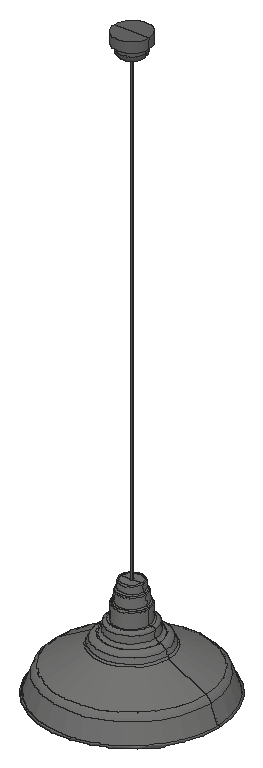
Revit family "Warehouse MB 8,10,12,14,16,18,20,24,27", category Lighting Fixtures, Revit 2020 (continued)
Definition of nested family "W514_1"
  Definition of nested family "W514"
    Forms (in)
      Revolve 1, solid, material <- "BODY", visible <- "W514"
        sketch origin (0, 0, -9.63186) x (1, 0, 0) y (0, 0, 1)
          loop
            line (-1.57476, 12.97134) -> (-1.5455, 14.72738) -> (-1.48475, 14.81154)
            arc (-1.48475, 14.81154) -> (-1.45993, 14.85844) -> (-1.45078, 14.91071) r 0.17
            line (-1.45078, 14.91071) -> (-1.42919, 16.20608)
          axis (0, 16.75686) -> (0, 9.6319)
        angle from 0 to 360
    Dimensions and locks (in)
      plane 5 to plane 3 "Center (Left/Right)" = 0' - 7 5/16"
      plane 4 to plane 2 = 0' - 7 1/8"
      plane 5 to plane 6 = 1' - 2 5/8"
      aligned and locked: plane 2 to level
Definition of nested family "W516_1"
  Parameters (values of type "W516_1")
    W516 [instance] = yes
    Light Elevation [instance] = 1' - 4.88257"
    Default Elevation = 0' - 0"
    Body [instance] = none
  Reference planes (in)
    plane 1 "Center (Front/Back)": y = 0
    plane 2: z = 0
    plane 3 "Center (Left/Right)": x = 0
    plane 4: z = 16.88257
  Dimensions and locks (in)
    "Light Elevation": plane 4 to plane 2
    aligned and locked: plane 2 to level
    aligned and locked: plane 3 "Center (Left/Right)" to nested 1
    aligned and locked: plane 1 "Center (Front/Back)" to nested 1
    aligned and locked: plane 4 to nested 1
  Nested families (in)
    nested 1: "W516" at (0, 0, 8.13257), W516 <- "W516", visible <- "W516", BODY <- "Body", type "W516"
      with W516 yes, BODY none
  Definition of nested family "W516"
    Parameters (values of type "W516")
      W516 [instance] = yes
      BODY [instance] = none
      Default Elevation = 0' - 0"
    Reference planes (in)
      plane 1 "Center (Front/Back)": y = 0
      plane 2: z = 0
      plane 3 "Center (Left/Right)": x = 0
      plane 4: z = 8.75
      plane 5: x = 8
      plane 6: x = -8
    Forms (in)
      Revolve 1, solid, material <- "BODY", visible <- "W516"
        sketch origin (0, 0, -7.40966) x (1, 0, 0) y (0, 0, 1)
          loop
            line (-1.29553, 15.49667) -> (-1.24771, 15.57952)
            arc (-1.24771, 15.57952) -> (-1.18976, 15.7194) -> (-1.17, 15.86952) r 0.58
            line (-1.17, 15.86952) -> (-1.17, 16.06403) -> (-0.25, 16.06403) -> (-0.25, 16.15966) -> (-1.1875, 16.15966)
            arc (-1.1875, 16.15966) -> (-1.23169, 16.14135) -> (-1.25, 16.09716) r 0.0625
            line (-1.25, 16.09716) -> (-1.25, 15.86952)
            arc (-1.25, 15.86952) -> (-1.26704, 15.74011) -> (-1.31699, 15.61952) r 0.5
            line (-1.31699, 15.61952) -> (-1.35909, 15.5466)
            arc (-1.35909, 15.5466) -> (-1.37116, 15.51795) -> (-1.3758, 15.48722) r 0.125
            line (-1.3758, 15.48722) -> (-1.40473, 14.32997)
            arc (-1.40473, 14.32997) -> (-1.42357, 14.28679) -> (-1.46721, 14.26903) r 0.0625
            line (-1.46721, 14.26903) -> (-1.53233, 14.26903)
            arc (-1.53233, 14.26903) -> (-1.57614, 14.25111) -> (-1.59482, 14.20763) r 0.0625
            line (-1.59482, 14.20763) -> (-1.62405, 12.53318)
            arc (-1.62405, 12.53318) -> (-1.64218, 12.49024) -> (-1.68499, 12.47179) r 0.0625
            arc (-1.68499, 12.47179) -> (-2.24728, 12.35018) -> (-2.72553, 12.03043) r 1.53783
            arc (-2.72553, 12.03043) -> (-2.97743, 11.64638) -> (-3.09087, 11.20131) r 1.39413
            arc (-3.09087, 11.20131) -> (-3.10435, 11.1675) -> (-3.13438, 11.14694) r 0.0625
            line (-3.13438, 11.14694) -> (-6.83404, 9.58178)
            arc (-6.83404, 9.58178) -> (-6.90139, 9.52947) -> (-6.95886, 9.46648) r 0.5
            arc (-6.95886, 9.46648) -> (-7.39032, 8.53113) -> (-7.75, 7.56591) r 13.64877
            arc (-7.75, 7.56591) -> (-7.824, 7.49716) -> (-7.92186, 7.47216) r 0.20468
            arc (-7.92186, 7.47216) -> (-7.9375, 7.48778) -> (-7.92187, 7.50341) r 0.01563
            line (-7.92187, 7.50341) -> (-7.92187, 7.56591)
            arc (-7.92187, 7.56591) -> (-8, 7.48778) -> (-7.92188, 7.40966) r 0.07813
            arc (-7.92188, 7.40966) -> (-7.78157, 7.44581) -> (-7.67353, 7.54236) r 0.30658
            arc (-7.67353, 7.54236) -> (-7.31763, 8.49757) -> (-6.89103, 9.42338) r 13.56877
            arc (-6.89103, 9.42338) -> (-6.84697, 9.47083) -> (-6.79613, 9.51095) r 0.42
            line (-6.79613, 9.51095) -> (-3.10601, 11.07208)
            arc (-3.10601, 11.07208) -> (-3.04047, 11.11931) -> (-3.01115, 11.19459) r 0.1425
            arc (-3.01115, 11.19459) -> (-2.89745, 11.62924) -> (-2.64398, 12.00019) r 1.31413
            arc (-2.64398, 12.00019) -> (-2.20066, 12.284) -> (-1.68545, 12.39186) r 1.45783
            arc (-1.68545, 12.39186) -> (-1.58786, 12.43393) -> (-1.54652, 12.53183) r 0.1425
            line (-1.54652, 12.53183) -> (-1.51759, 14.18903) -> (-1.46721, 14.18903)
            arc (-1.46721, 14.18903) -> (-1.36771, 14.22952) -> (-1.32475, 14.32797) r 0.1425
            line (-1.32475, 14.32797) -> (-1.29553, 15.49667)
          axis (0, 16.15966) -> (0, 7.40966)
        angle from 0 to 360
    Dimensions and locks (in)
      plane 4 to plane 2 = 0' - 8 3/4"
      plane 5 to plane 3 "Center (Left/Right)" = 0' - 8"
      plane 6 to plane 5 = 1' - 4"
      aligned and locked: plane 2 to level
Definition of nested family "W518_1"
  Parameters (values of type "W518_1")
    W518 [instance] = yes
    Light Elevation [instance] = 1' - 3.04757"
    Default Elevation = 0' - 0"
    Body [instance] = none
  Reference planes (in)
    plane 1 "Center (Front/Back)": y = 0
    plane 2: z = 0
    plane 3 "Center (Left/Right)": x = 0
    plane 4: z = 15.04757
  Dimensions and locks (in)
    "Light Elevation": plane 4 to level
    aligned and locked: plane 2 to level
    aligned and locked: plane 3 "Center (Left/Right)" to nested 1
    aligned and locked: plane 1 "Center (Front/Back)" to nested 1
    aligned and locked: plane 4 to nested 1
  Nested families (in)
    nested 1: "W518" at (0, 0, 6.04757), W518 <- "W518", visible <- "W518", BODY <- "Body", type "W518"
      with W518 yes, BODY none
  Definition of nested family "W518"
    Parameters (values of type "W518")
      W518 [instance] = yes
      BODY [instance] = none
      Default Elevation = 0' - 0"
    Reference planes (in)
      plane 1 "Center (Front/Back)": y = 0
      plane 2: z = 0
      plane 3 "Center (Left/Right)": x = 0
      plane 4: z = 9
      plane 5: x = 9
      plane 6: x = -9
    Forms (in)
      Revolve 1, solid, material <- "BODY", visible <- "W518"
        sketch origin (0, 0, -11.04666) x (1, 0, 0) y (0, 0, 1)
          loop
            line (-1.59375, 17.85916) -> (-1.68165, 16.10113)
            arc (-1.68165, 16.10113) -> (-1.71837, 16.01872) -> (-1.80099, 15.98249) r 0.125
            arc (-1.80099, 15.98249) -> (-2.35209, 15.87674) -> (-2.84967, 15.6173) r 1.93488
            arc (-2.84967, 15.6173) -> (-3.22859, 15.21382) -> (-3.42542, 14.69649) r 1.42671
            arc (-3.42542, 14.69649) -> (-3.46036, 14.62895) -> (-3.52797, 14.59416) r 0.125
            arc (-3.52797, 14.59416) -> (-5.67935, 14.13393) -> (-7.78125, 13.48416) r 24.70789
            line (-7.78125, 13.48416) -> (-8.6875, 11.20291)
            arc (-8.6875, 11.20291) -> (-8.796, 11.13431) -> (-8.92187, 11.10916) r 0.35215
            arc (-8.92187, 11.10916) -> (-8.9375, 11.12479) -> (-8.92187, 11.14041) r 0.01562
            line (-8.92187, 11.14041) -> (-8.92187, 11.20291)
            arc (-8.92187, 11.20291) -> (-9, 11.12479) -> (-8.92187, 11.04666) r 0.07812
            arc (-8.92187, 11.04666) -> (-8.75638, 11.08106) -> (-8.61377, 11.17182) r 0.46975
            line (-8.61377, 11.17182) -> (-7.72025, 13.42102)
            arc (-7.72025, 13.42102) -> (-5.64168, 14.06108) -> (-3.51474, 14.51526) r 24.62789
            arc (-3.51474, 14.51526) -> (-3.40385, 14.57232) -> (-3.34655, 14.68309) r 0.205
            arc (-3.34655, 14.68309) -> (-3.16071, 15.17148) -> (-2.80294, 15.55237) r 1.34671
            arc (-2.80294, 15.55237) -> (-2.32587, 15.80116) -> (-1.79747, 15.90257) r 1.85488
            arc (-1.79747, 15.90257) -> (-1.66197, 15.96199) -> (-1.60175, 16.09713) r 0.205
            line (-1.60175, 16.09713) -> (-1.51469, 17.8384) -> (-1.4796, 17.90858)
            arc (-1.4796, 17.90858) -> (-1.45919, 17.96393) -> (-1.45142, 18.0224) r 0.2675
            line (-1.45142, 18.0224) -> (-1.42129, 19.40826)
            arc (-1.42129, 19.40826) -> (-1.41696, 19.42657) -> (-1.40552, 19.44151) r 0.045
            arc (-1.40552, 19.44151) -> (-1.21631, 19.67084) -> (-1.11688, 19.95104) r 0.85675
            line (-1.11688, 19.95104) -> (-0.25, 19.95104) -> (-0.25, 20.04666) -> (-1.13181, 20.04666)
            arc (-1.13181, 20.04666) -> (-1.1726, 20.03152) -> (-1.19362, 19.99344) r 0.0625
            arc (-1.19362, 19.99344) -> (-1.28258, 19.73187) -> (-1.45746, 19.51798) r 0.77675
            arc (-1.45746, 19.51798) -> (-1.48924, 19.47648) -> (-1.50127, 19.42562) r 0.125
            line (-1.50127, 19.42562) -> (-1.53176, 18.02343)
            arc (-1.53176, 18.02343) -> (-1.53721, 17.98244) -> (-1.55151, 17.94365) r 0.1875
            line (-1.55151, 17.94365) -> (-1.59375, 17.85916)
          axis (0, 20.04666) -> (0, 11.04666)
        angle from 0 to 360
    Dimensions and locks (in)
      plane 4 to plane 2 = 0' - 9"
      plane 5 to plane 3 "Center (Left/Right)" = 0' - 9"
      plane 5 to plane 6 = 1' - 6"
      aligned and locked: plane 2 to level
Definition of nested family "W520_1"
  Parameters (values of type "W520_1")
    W520 [instance] = yes
    Light Elevation [instance] = 2' - 2.40703"
    Default Elevation = 0' - 0"
    Body [instance] = none
  Reference planes (in)
    plane 1 "Center (Front/Back)": y = 0
    plane 2: z = 0
    plane 3 "Center (Left/Right)": x = 0
    plane 4: z = 26.40703
  Dimensions and locks (in)
    "Light Elevation": plane 4 to plane 2
    aligned and locked: plane 2 to level
    aligned and locked: plane 3 "Center (Left/Right)" to nested 1
    aligned and locked: plane 1 "Center (Front/Back)" to nested 1
    aligned and locked: plane 4 to nested 1
  Nested families (in)
    nested 1: "W520" at (0, 0, 16.40703), W520 <- "W520", visible <- "W520", BODY <- "Body", type "W520"
      with W520 yes, BODY none
  Definition of nested family "W520"
    Parameters (values of type "W520")
      W520 [instance] = yes
      BODY [instance] = none
      Default Elevation = 0' - 0"
    Reference planes (in)
      plane 1 "Center (Front/Back)": y = 0
      plane 2: z = 0
      plane 3 "Center (Left/Right)": x = 0
      plane 4: z = 10
      plane 5: x = 10
      plane 6: x = -10
    Forms (in)
      Revolve 1, solid, material <- "BODY", visible <- "W520"
        sketch origin (0, 0, -8.21974) x (1, 0, 0) y (0, 0, 1)
          loop
            line (-1.51544, 16.05889) -> (-1.47335, 16.28227)
            arc (-1.47335, 16.28227) -> (-1.45675, 16.3325) -> (-1.45036, 16.38501) r 0.2675
            line (-1.45036, 16.38501) -> (-1.42129, 17.59689)
            arc (-1.42129, 17.59689) -> (-1.41697, 17.61524) -> (-1.40552, 17.63021) r 0.045
            arc (-1.40552, 17.63021) -> (-1.21631, 17.85955) -> (-1.11688, 18.13974) r 0.85675
            line (-1.11688, 18.13974) -> (-0.25, 18.13974) -> (-0.25, 18.21974) -> (-1.13181, 18.21974)
            arc (-1.13181, 18.21974) -> (-1.1726, 18.2046) -> (-1.19362, 18.16652) r 0.0625
            arc (-1.19362, 18.16652) -> (-1.28258, 17.90494) -> (-1.45746, 17.69105) r 0.77675
            arc (-1.45746, 17.69105) -> (-1.48924, 17.64956) -> (-1.50127, 17.5987) r 0.125
            line (-1.50127, 17.5987) -> (-1.53033, 16.38685)
            arc (-1.53033, 16.38685) -> (-1.53579, 16.34586) -> (-1.55009, 16.30707) r 0.1875
            line (-1.55009, 16.30707) -> (-1.59507, 16.06834) -> (-1.68165, 14.3367)
            arc (-1.68165, 14.3367) -> (-1.71837, 14.2543) -> (-1.80099, 14.21807) r 0.125
            arc (-1.80099, 14.21807) -> (-2.35209, 14.11232) -> (-2.84967, 13.85288) r 1.93488
            arc (-2.84967, 13.85288) -> (-3.23393, 13.38192) -> (-3.42732, 12.80566) r 1.69484
            arc (-3.42732, 12.80566) -> (-3.45977, 12.73812) -> (-3.52502, 12.70127) r 0.125
            arc (-3.52502, 12.70127) -> (-5.85218, 12.09379) -> (-8.11417, 11.27641) r 26.32023
            arc (-8.11417, 11.27641) -> (-8.23057, 11.20033) -> (-8.31123, 11.08707) r 0.375
            line (-8.31123, 11.08707) -> (-9.5625, 8.37599)
            arc (-9.5625, 8.37599) -> (-9.73642, 8.30702) -> (-9.92188, 8.28224) r 0.76659
            arc (-9.92188, 8.28224) -> (-9.9375, 8.29786) -> (-9.92187, 8.31349) r 0.01563
            line (-9.92187, 8.31349) -> (-9.92187, 8.37599)
            arc (-9.92187, 8.37599) -> (-10, 8.29786) -> (-9.92187, 8.21974) r 0.07812
            arc (-9.92187, 8.21974) -> (-9.6974, 8.25128) -> (-9.48986, 8.34246) r 0.82867
            line (-9.48986, 8.34246) -> (-8.2386, 11.05354)
            arc (-8.2386, 11.05354) -> (-8.17514, 11.14264) -> (-8.08358, 11.20249) r 0.295
            arc (-8.08358, 11.20249) -> (-5.82846, 12.01739) -> (-3.50837, 12.62302) r 26.24023
            arc (-3.50837, 12.62302) -> (-3.40136, 12.68345) -> (-3.34814, 12.79422) r 0.205
            arc (-3.34814, 12.79422) -> (-3.16466, 13.34188) -> (-2.80019, 13.78993) r 1.61484
            arc (-2.80019, 13.78993) -> (-2.32427, 14.0373) -> (-1.79747, 14.13815) r 1.85488
            arc (-1.79747, 14.13815) -> (-1.66197, 14.19756) -> (-1.60175, 14.33271) r 0.205
            line (-1.60175, 14.33271) -> (-1.51544, 16.05889)
          axis (0, 18.21974) -> (0, 8.21974)
        angle from 0 to 360
    Dimensions and locks (in)
      plane 4 to plane 2 = 0' - 10"
      plane 5 to plane 3 "Center (Left/Right)" = 0' - 10"
      plane 6 to plane 5 = 1' - 8"
      aligned and locked: plane 2 to level
Types (10): name | b | a | Weight | Wattage Comments | Wattage | W527 | W524 | W520 | W518 | W516 | W514 | W512 | W510 | W508 | URL | Photometric Web File | Mounting Option | Placement X axis side | Model | built-in parameter 1150105 | Lumens | Light Elevation _2 | Light Elevation _1 | built-in parameter 1150106 | Fixture Height | Fixture Diameter | E 6 26 inch | Cord or Stem Mount | Apparent Load
  (no name) | 0' - 3" | 1' - 3 7/8" | "6.0 lbs" | "200 W Max" | 26.9284 W | yes | no | no | no | no | no | no | no | no | "https://www.anplighting.com/assets/Uploads/product-attachments/specification-sheets/ANP-Specification-Sheet-RLM-INC-W527.pdf" | "W527M037LDDW40K.IES" | 1 | 0' - 0" | "W527" | 318.31 (stored number, unit not read) | 4000 lm | 6' - 4.3622" | 6' - 3.66142" | 3.1831 (stored number, unit not read) | 1' - 3 7/8" | 2' - 3" | no | yes | 200 VA
  W508 | 0' - 2" | 0' - 6 7/8" | "1.0 lb" | "100 W Max" | 5.72229 W | no | no | no | no | no | no | no | no | yes | "https://www.anplighting.com/assets/Uploads/product-attachments/specification-sheets/ANP-Specification-Sheet-RLM-MB-W508.pdf" | "W508M009LDNW40K.IES" | 1 | 0' - 0" | "W508" | 67.641 (stored number, unit not read) | 850 lm | 6' - 4.3622" | 6' - 3.66142" | 0.67641 (stored number, unit not read) | 0' - 6 7/8" | 0' - 8" | no | yes | 100 VA
  W510 | 0' - 2" | 0' - 6 1/2" | "1.0 lb" | "100 W Max" | 8.41513 W | no | no | no | no | no | no | no | yes | no | "https://www.anplighting.com/assets/Uploads/product-attachments/specification-sheets/ANP-Specification-Sheet-RLM-MB-W510.pdf" | "W510M010LDDW40K.IES" | 2 | 2' - 2" | "W510" | 99.472 (stored number, unit not read) | 1250 lm | 0' - 1.53543" | 0' - 0.87402" | 0.99472 (stored number, unit not read) | 0' - 6 1/2" | 0' - 10" | yes | no | 100 VA
  W512 | 0' - 2" | 0' - 7 1/8" | "1.0 lb" | "150 W Max" | 8.41513 W | no | no | no | no | no | no | yes | no | no | "https://www.anplighting.com/assets/Uploads/product-attachments/specification-sheets/ANP-Specification-Sheet-RLM-MB-W512.pdf" | "W510M010LDDW40K.IES" | 1 | 0' - 0" | "W512" | 99.472 (stored number, unit not read) | 1250 lm | 6' - 4.3622" | 6' - 3.66142" | 0.99472 (stored number, unit not read) | 0' - 7 1/8" | 1' - 0 1/8" | no | yes | 150 VA
  W514 | 0' - 2" | 0' - 7 1/8" | "1.5 lbs" | "150 W Max" | 13.4642 W | no | no | no | no | no | yes | no | no | no | "https://www.anplighting.com/assets/Uploads/product-attachments/specification-sheets/ANP-Specification-Sheet-RLM-MB-W514.pdf" | "W514-100GLCL-32WPL-T15295-.ies" | 1 | 0' - 0" | "W514" | 159.15 (stored number, unit not read) | 2000 lm | 6' - 4.3622" | 6' - 3.66142" | 1.5915 (stored number, unit not read) | 0' - 7 1/8" | 1' - 2 5/8" | no | yes | 150 VA
  W516 | 0' - 2" | 0' - 8 3/4" | "1.5 lbs" | "200 W Max" | 13.4642 W | no | no | no | no | yes | no | no | no | no | "https://www.anplighting.com/assets/Uploads/product-attachments/specification-sheets/ANP-Specification-Sheet-RLM-MB-W516.pdf" | "W516M016LDNW40K.IES" | 1 | 0' - 0" | "W516" | 159.15 (stored number, unit not read) | 2000 lm | 6' - 4.3622" | 6' - 3.66142" | 1.5915 (stored number, unit not read) | 0' - 8 3/4" | 1' - 4" | no | yes | 200 VA
  W518 | 0' - 2" | 0' - 9" | "2.0 lbs" | "200 W Max" | 20.1963 W | no | no | no | yes | no | no | no | no | no | "https://www.anplighting.com/assets/Uploads/product-attachments/specification-sheets/ANP-Specification-Sheet-RLM-MB-W518.pdf" | "W518-100INC-T15300.IES" | 1 | 0' - 0" | "W518" | 238.73 (stored number, unit not read) | 3000 lm | 6' - 4.3622" | 6' - 3.66142" | 2.3873 (stored number, unit not read) | 0' - 9" | 1' - 6" | no | yes | 200 VA
  W520 | 0' - 2" | 0' - 10" | "2.5 lbs" | "200 W Max" | 20.1963 W | no | no | yes | no | no | no | no | no | no | "https://www.anplighting.com/assets/Uploads/product-attachments/specification-sheets/ANP-Specification-Sheet-RLM-INC-W520.pdf" | "W520M024LDDW40K.IES" | 1 | 0' - 0" | "W520" | 238.73 (stored number, unit not read) | 3000 lm | 6' - 4.3622" | 6' - 3.66142" | 2.3873 (stored number, unit not read) | 0' - 10" | 1' - 8" | no | yes | 200 VA
  W524 | 0' - 3" | 1' - 3 1/2" | "5.5 lbs" | "200 W Max" | 26.9284 W | no | yes | no | no | no | no | no | no | no | "https://www.anplighting.com/assets/Uploads/product-attachments/specification-sheets/ANP-Specification-Sheet-RLM-MB-W524.pdf" | "W520M024LDDW40K.IES" | 1 | 0' - 0" | "W524" | 318.31 (stored number, unit not read) | 4000 lm | 6' - 4.3622" | 6' - 3.66142" | 3.1831 (stored number, unit not read) | 1' - 3 1/2" | 2' - 0 1/8" | no | yes | 200 VA
  W527 | 0' - 3" | 1' - 3 7/8" | "6.0 lbs" | "200 W Max" | 26.9284 W | yes | no | no | no | no | no | no | no | no | "https://www.anplighting.com/assets/Uploads/product-attachments/specification-sheets/ANP-Specification-Sheet-RLM-INC-W527.pdf" | "W527M037LDDW40K.IES" | 1 | 0' - 0" | "W527" | 318.31 (stored number, unit not read) | 4000 lm | 6' - 4.3622" | 6' - 3.66142" | 3.1831 (stored number, unit not read) | 1' - 3 7/8" | 2' - 3" | no | yes | 200 VA
